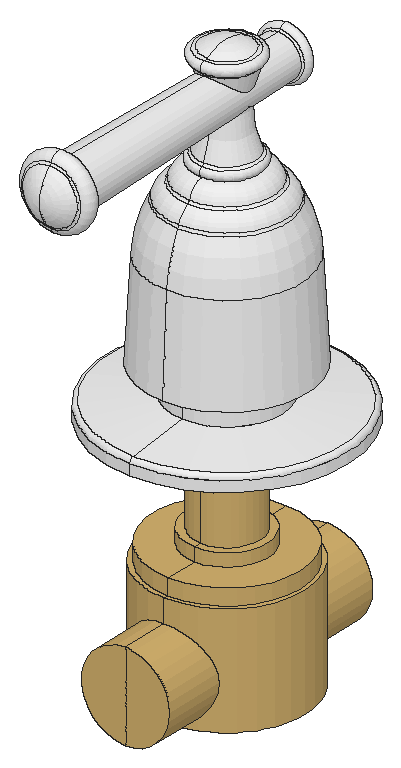
Revit family "Diverter-American_Standard-Portsmouth-T420_Series", category Plumbing Fixtures, host Face, Revit 2015
Parameters (values of type "T420.430.002")
  Width = 2 3/4"  # constant formula
  URL = "https://www.americanstandard-us.com/"
  Type Comments = ""
  Tempered Water Connection Radius = 1/4"
  Tempered Water Connection Diameter = Tempered Water Connection Radius * 2  # 1/2"
  Product Page URL = "https://www.americanstandard-us.com/bathroom/shower-faucets/portsmouth-diverter-trim-kit-metal-lever-handle-21167"
  Product Documentation Link = "https://www.americanstandard-us.com/-/media/sites/asus/files/product-specs/bulk/specsheett420430.pdf?la=en"
  Price = "Prices may vary. Please consult Manufacturer Representative for most up-to-date price list."  # constant formula
  Model = "T420.430.002"
  Material = "Metal-American Standard-002-Chrome"
  Manufacturer = "American Standard"
  Length = 3 7/8"  # constant formula
  Installation Type = "Wall Mounted"  # constant formula
  Hot Water Connection Radius = Hot Water Connection Diameter / 2  # 1/4"
  Hot Water Connection Diameter = 1/2"
  Height = 3"  # constant formula
  HW Connection = yes
  Finish = Metal-American Standard-002-Chrome
  Description = "Portsmouth Diverter Valve Trim Kit"  # constant formula
  Default Elevation = 48"  # constant formula
  Creation Date = "01/13/2020"  # constant formula
  Cold Water Connection Radius = Cold Water Connection Diameter / 2  # 1/4"
  Cold Water Connection Diameter = 1/2"
  CW Connection = yes
  Assembly Code = "D2020300"
Types (5): name | Model | Material | Finish
  (no name) | "T420.430.002" | "Metal-American Standard-002-Chrome" | Metal-American Standard-002-Chrome
  T420.430.002 | "T420.430.002" | "Metal-American Standard-002-Chrome" | Metal-American Standard-002-Chrome
  T420.430.295 | "T420.430.295" | "Brass-American Standard-295-Brushed Nickel" | Brass-American Standard-295-Brushed Nickel
  T420.430.013 | "T420.430.013" | "Brass-American Standard-013-Polished Nickel" | Brass-American Standard-013-Polished Nickel
  T420.430.278 | "T420.430.278" | "Brass-American Standard-278-Legacy Bronze" | Brass-American Standard-278-Legacy Bronze
Reference planes (in)
  plane 1 "Center (Front/Back)": y = 0
  plane 2: z = -1.95369
  plane 3 "Center (Left/Right)": x = 0
  plane 4 "Finished Floor": y = -48
  plane 5 "Inside Wall Reference": z = -2.21297
  plane 6: x = -0.22718
  plane 7: x = 0.22718
  plane 8: y = -0.22718
  plane 9: y = 0.22718
  plane 10: x = -1.15625
  plane 11: x = 1.15625
  plane 12: z = 0.17334
  plane 13: x = 0.32813
  plane 14: x = -0.32812
Forms (in)
  Extrusion 1, solid, detail levels coarse
    sketch origin (0, 0, 0) x (1, 0, 0) y (0, 1, 0)
      loop
        line (-0.22718, 0.22718) -> (-0.22718, -0.22718) -> (0.22718, -0.22718) -> (0.22718, 0.22718) -> (-0.22718, 0.22718)
    from -1.95369 to -2.21297
  Revolve 2, solid, material "Brass-American Standard-Cast"
    sketch origin (0, 0.33413, 0) x (0, 1, 0) y (0, 0, 1)
      loop
        line (1.10337, -2.21297) -> (-1.77163, -2.21297) -> (-1.77163, -2.71297) -> (1.10337, -2.71297) -> (1.10337, -2.21297)
      axis (-1.77163, -2.21297) -> (1.10337, -2.21297)
    angle from 0 to 360
  Revolve 3, solid, material "Brass-American Standard-Cast"
    sketch origin (0, 0.33413, 0) x (0, 1, 0) y (0, 0, 1)
      loop
        line (-0.33413, -1.71297) -> (-0.33413, -2.71297) -> (0.55649, -2.71297) -> (0.55649, -1.45186) -> (0.50543, -1.45186) -> (0.50543, -1.27126) -> (0.12892, -1.27126) -> (0.12892, -1.12227) -> (0.03894, -1.12227) -> (0.03894, -0.41228) -> (0.10412, -0.41228) -> (0.10412, 0) -> (-0.33413, 0) -> (-0.33413, -1.71297)
      axis (-0.33413, -2.71297) -> (-0.33413, 0)
    angle from 0 to 360
  Revolve 4, solid, material "Metal-American Standard-002-Chrome" <- "Finish"
    sketch origin (0, 0, 0) x (0, 1, 0) y (0, 0, 1)
      loop
        line (0, 0) -> (1.375, 0) -> (1.375, 0.12356)
        arc (1.375, 0.12356) -> (1.3608, 0.16056) -> (1.32549, 0.17855) r 0.05529
        line (1.32549, 0.17855) -> (0.62911, 0.25174) -> (0.62911, 0.56129) -> (0.91301, 0.56129) -> (0.8553, 1.66247)
        arc (0.8553, 1.66247) -> (0.80669, 1.94967) -> (0.69373, 2.21816) r 1.26598
        arc (0.69373, 2.21816) -> (0.68602, 2.2341) -> (0.68038, 2.25088) r 0.14033
        arc (0.68038, 2.25088) -> (0.63279, 2.34306) -> (0.55102, 2.40692) r 0.24253
        arc (0.55102, 2.40692) -> (0.5375, 2.41764) -> (0.52991, 2.43314) r 0.03907
        arc (0.52991, 2.43314) -> (0.45809, 2.54589) -> (0.33182, 2.58978) r 0.20358
        arc (0.33182, 2.58978) -> (0.38624, 2.63616) -> (0.34909, 2.69725) r 0.05512
        arc (0.34909, 2.69725) -> (0.33284, 2.70672) -> (0.32185, 2.72198) r 0.04528
        arc (0.32185, 2.72198) -> (0.22705, 3.17341) -> (0.3232, 3.62456) r 1.1144
        arc (0.3232, 3.62456) -> (0.33235, 3.63855) -> (0.34547, 3.64893) r 0.05215
        arc (0.34547, 3.64893) -> (0.37343, 3.71317) -> (0.31881, 3.75707) r 0.05773
        arc (0.31881, 3.75707) -> (0.29914, 3.76) -> (0.28078, 3.76765) r 0.08092
        arc (0.28078, 3.76765) -> (0.14523, 3.8231) -> (0, 3.84201) r 0.5673
        line (0, 3.84201) -> (0, 0)
      axis (0, 3.84201) -> (0, 0)
    angle from 0 to 360
  Revolve 5, solid, material "Metal-American Standard-002-Chrome" <- "Finish"
    sketch origin (0, 0, 0) x (0, 1, 0) y (0, 0, 1)
      loop
        arc (0.73962, 3.58867) -> (-0.75635, 3.55507) -> (-2.25029, 3.63997) r 18.88985
        arc (-2.25029, 3.63997) -> (-2.27228, 3.64973) -> (-2.28404, 3.67071) r 0.0381
        arc (-2.28404, 3.67071) -> (-2.38333, 3.75651) -> (-2.48982, 3.67984) r 0.10588
        arc (-2.48982, 3.67984) -> (-2.49683, 3.66479) -> (-2.50816, 3.65265) r 0.05294
        arc (-2.50816, 3.65265) -> (-2.61964, 3.5151) -> (-2.65949, 3.34258) r 0.39331
        line (-2.65949, 3.34258) -> (0.96575, 3.34258)
        arc (0.96575, 3.34258) -> (0.94735, 3.46361) -> (0.89382, 3.5737) r 0.40726
        arc (0.89382, 3.5737) -> (0.88568, 3.58823) -> (0.88035, 3.60401) r 0.09013
        arc (0.88035, 3.60401) -> (0.82306, 3.65064) -> (0.76319, 3.60739) r 0.06067
        arc (0.76319, 3.60739) -> (0.75435, 3.59433) -> (0.73962, 3.58867) r 0.02631
      axis (0.96575, 3.34258) -> (-2.65949, 3.34258)
    angle from 0 to 360
Cuts and joins
  joined: Revolve 2, Revolve 3
Dimensions and locks (in)
  "Default Elevation": plane 4 "Finished Floor" to plane 1 "Center (Front/Back)"
  equal spacing: plane 10, plane 3 "Center (Left/Right)", plane 11
  locked: plane 10 to plane 11 at 2.3125
  equal spacing: plane 14, plane 3 "Center (Left/Right)", plane 13
  locked: plane 13 to plane 14 at 0.65625
  aligned and locked: plane 2 to Extrusion 1
  aligned and locked: Extrusion 1 to plane 5 "Inside Wall Reference"
Automatic sketch dimensions
  Extrusion 1 sketch curve to Extrusion 1 sketch curve = 0.45436"  (x2)
  Revolve 2 sketch curve to plane 5 "Inside Wall Reference" = 0"  (x2)
  Revolve 2 sketch curve to Revolve 2 sketch curve = 1/2"
  Revolve 2 sketch curve to Revolve 2 sketch curve = 0"
  Revolve 2 sketch curve to Revolve 2 sketch curve = 0.42071"
  Revolve 3 sketch curve to plane 1 "Center (Front/Back)" = 0"  (x2)
  Revolve 3 sketch curve to level = 0"
  Revolve 3 sketch curve to plane 9 = 0.14589"
  Revolve 3 sketch curve to plane 9 = 0.21107"
  Revolve 3 sketch curve to Revolve 3 sketch curve = 0.08997"
  Revolve 3 sketch curve to Revolve 3 sketch curve = 0.05107"
  Revolve 3 sketch curve to level = 0.41228"
  Revolve 3 sketch curve to Revolve 3 sketch curve = 0.70999"
  Revolve 3 sketch curve to Revolve 3 sketch curve = 0.14899"
  Revolve 3 sketch curve to Revolve 3 sketch curve = 0.1806"
  plane 2 to Revolve 3 sketch curve = 0.24072"
  Revolve 3 sketch curve to plane 5 "Inside Wall Reference" = 1/2"
  Revolve 3 sketch curve to Revolve 3 sketch curve = 0.04272"
  Revolve 3 sketch curve to Revolve 3 sketch curve = 0.15793"
  Revolve 2 sketch curve to plane 8 = 1.21032"
  Revolve 2 sketch curve to plane 9 = 1.21032"
  Revolve 3 sketch curve to Revolve 3 sketch curve = 0.37651"
  Revolve 4 sketch curve to level = 0"
  Revolve 4 sketch curve to plane 1 "Center (Front/Back)" = 0"  (x2)
  Revolve 4 sketch curve to plane 8 = 0.18176"
  Revolve 4 sketch curve to plane 9 = 0.09019"
  Revolve 4 sketch curve to plane 9 = 0.09365"
  Revolve 4 sketch curve to plane 9 = 0.10463"
  Revolve 4 sketch curve to Revolve 4 sketch curve = 0.03146"
  Revolve 4 sketch curve to Revolve 4 sketch curve = 0.05347"
  Revolve 4 sketch curve to plane 9 = 0.21889"
  Revolve 4 sketch curve to Revolve 4 sketch curve = 0.23612"
  Revolve 4 sketch curve to plane 9 = 0.40193"
  Revolve 4 sketch curve to Revolve 4 sketch curve = 0.24803"
  Revolve 4 sketch curve to Revolve 4 sketch curve = 0.03934"
  Revolve 4 sketch curve to Revolve 4 sketch curve = 0.2839"
  Revolve 4 sketch curve to plane 12 = 0.04978"
  Revolve 4 sketch curve to Revolve 4 sketch curve = 0.4067"
  plane 12 to Revolve 4 sketch curve = 0.0052"
  Revolve 4 sketch curve to Revolve 4 sketch curve = 0.00578"
  Revolve 4 sketch curve to Revolve 4 sketch curve = 0.52549"
  plane 12 to Revolve 4 sketch curve = 0.0784"
  plane 12 to Revolve 4 sketch curve = 0.38795"
  plane 12 to Revolve 4 sketch curve = 1.42287"
  Revolve 4 sketch curve to Revolve 4 sketch curve = 1.10118"
  Revolve 4 sketch curve to Revolve 4 sketch curve = 0.52581"
  Revolve 4 sketch curve to Revolve 4 sketch curve = 0.09883"
  Revolve 4 sketch curve to Revolve 4 sketch curve = 0.19792"
  Revolve 4 sketch curve to Revolve 4 sketch curve = 0.05595"
  Revolve 4 sketch curve to Revolve 4 sketch curve = 0.2587"
  Revolve 4 sketch curve to Revolve 4 sketch curve = 0.09535"
  Revolve 4 sketch curve to Revolve 4 sketch curve = 0.88464"
  Revolve 4 sketch curve to Revolve 4 sketch curve = 0.53446"
  Revolve 4 sketch curve to Revolve 4 sketch curve = 0.32866"
  Revolve 4 sketch curve to Revolve 4 sketch curve = 0.09599"
  Revolve 4 sketch curve to Revolve 4 sketch curve = 0.13861"
  Revolve 4 sketch curve to Revolve 4 sketch curve = 0.00404"
  Revolve 4 sketch curve to Revolve 4 sketch curve = 0"  (x8)
  Revolve 4 sketch curve to Revolve 4 sketch curve = 0.04143"
  Revolve 4 sketch curve to Revolve 4 sketch curve = 0.03802"
  Revolve 4 sketch curve to Revolve 4 sketch curve = 0.86994"
  Revolve 4 sketch curve to Revolve 4 sketch curve = 1/2"
  Revolve 5 sketch curve to plane 8 = 2.43231"
  Revolve 5 sketch curve to Revolve 5 sketch curve = 0.11876"
  Revolve 5 sketch curve to Revolve 5 sketch curve = 0.15271"
  Revolve 5 sketch curve to Revolve 5 sketch curve = 0.12184"
  Revolve 5 sketch curve to Revolve 5 sketch curve = 0.14139"
  Revolve 5 sketch curve to plane 8 = 0.2051"
  Revolve 5 sketch curve to plane 9 = 0.33131"
  Revolve 5 sketch curve to Revolve 5 sketch curve = 0.1795"
  Revolve 5 sketch curve to Revolve 5 sketch curve = 0.08333"
  Revolve 5 sketch curve to Revolve 5 sketch curve = 0.14443"
  Revolve 5 sketch curve to Revolve 5 sketch curve = 0.14672"
  plane 12 to Revolve 5 sketch curve = 3.16924"
  Revolve 5 sketch curve to Revolve 5 sketch curve = 0.24741"
  Revolve 5 sketch curve to Revolve 5 sketch curve = 0.02494"
  Revolve 5 sketch curve to Revolve 5 sketch curve = 0.03485"
  Revolve 5 sketch curve to Revolve 5 sketch curve = 0.30815"
  Revolve 5 sketch curve to Revolve 5 sketch curve = 0.02716"
  Revolve 5 sketch curve to Revolve 5 sketch curve = 0.04365"
  Revolve 5 sketch curve to Revolve 5 sketch curve = 18.76424"
  Revolve 5 sketch curve to Revolve 5 sketch curve = 0"  (x8)
  Revolve 5 sketch curve to Revolve 5 sketch curve = 0.78899"
  Revolve 5 sketch curve to Revolve 5 sketch curve = 1/2"
Connectors (in)
  piping at (0, -1.4375, -2.21297), diameter 0.5, driven by "Tempered Water Connection Radius"
    settings: on Revolve 2, index 5, connector inside diameter 1/2", connector length 0", flow factor 0, pipe flow 0 GPM, pressure drop 0.00 psi, fitting loss kfactor 0, connector angle 0.00°, fixture units 0, engagement length 0", angle of deflection 0.00°, flow configuration 0, flow direction 2, fitting loss method 0, system type 29, joint type 0, gender type 0, connector reference index -1, connector utility 0, adjustable connector no, is connector primary yes, connector description "1/2\" NPT Tub Port Outlet"
  piping at (0, 1.4375, -2.21297), diameter 0.5, driven by "Tempered Water Connection Radius"
    settings: on cut or joined group of Revolve 2, Revolve 3, index 6, connector inside diameter 24", connector length 0", flow factor 0, pipe flow 0 GPM, pressure drop 0.00 psi, fitting loss kfactor 0, connector angle 0.00°, fixture units 0, engagement length 0", angle of deflection 0.00°, flow configuration 0, flow direction 2, fitting loss method 0, system type 29, joint type 0, gender type 0, connector reference index -1, connector utility 0, adjustable connector no, is connector primary no, connector description "1/2\" NPT Port Outlet"
